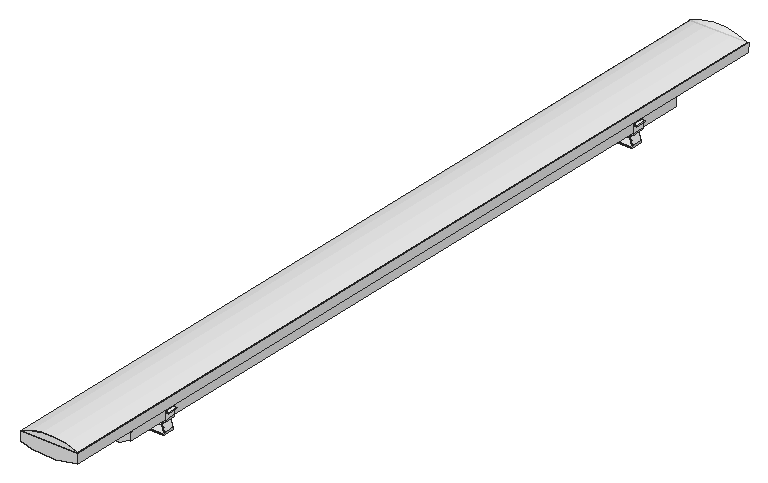
Revit family "Lighting-Industrial-GEWISS-SMART[3]PLUS-WATERTIGHT-LED-EMERGENCY_TRANSPARENT_1600mm", category Apparecchi per illuminazione, host Superficie, Revit 2019
Family settings
  Host = Superficie
  Quota connettore circolare = Usa diametro
  Tipo di parte = Normale
  Taglio con vuoti quando caricato = No
  Sorgente d'illuminazione = No
  Condiviso = No
  Punto di calcolo locali = No
Parameters (values of type "GWS3325AT957 - SMART3 PLUS 1600 EMERG DT1+DT6 HE TRASP 9 57")
  Working temperature = "ND"
  Weight (kg): = ""
  Warranty = "ND"
  Voltage- = "220-240 V "
  Visibilità simbolo [instance] = yes
  Visibilità pianta [instance] = not(Visibilità simbolo)  # no
  Visibilità etichetta [instance] = yes
  Version file RFA = "20.0"
  URL = "https://www.gewiss.com/ww/en"
  Typology = ""
  Type of light source = "LED - Not replaceable"
  Technical sheet = "https://www.gewiss.com/ww/en/search?q=GWS3325AT957"
  System power = "50 W"
  Shock resistance = "IK08"
  Shield type = "Transparent"
  SEO = "Ceiling"
  Realized by GEWISS S.p.A. = ""
  Operating temperature: = "ND"
  Numero poli = 2
  Struttura = GRIGIO
  Stampa 1_200 = no
  Stampa 1_100 = not(Stampa 1_200)  # yes
  Spostamento_Y_etichetta [instance] = 0 mm
  Spostamento_Y_effettivo_etichetta [instance] = 1500 mm - Spostamento_Y_etichetta  # 1500 mm
  Spostamento_X_etichetta [instance] = 0 mm
  Spostamento_X_effettivo_etichetta [instance] = 1500 mm - Spostamento_X_etichetta  # 1500 mm
  Schermo. = Led Acceso
  Default Elevation = 1219.2 mm
  Produttore = "GEWISS S.p.A."
  Nominal flux (lm) = ""
  No. LED (#) = ""
  Modello = "GWS3325AT957"
  Lunghezza Lampada = 1600 mm  # constant formula
  Lumen output (lm) = "5900"
  Length- = "1600 mm"
  Lampada = "LED"
  Lamp- = "LED"
  LED LifeTime (L80B20) = ""
  LED Life time (L80B50) = ""
  LED Life time (L70) = ""
  LED Life Time (L90B50) = ""
  Insulation class = "II"
  Immagine tipo = GWS3258T30K.jpg
  IP degree = "IP66/IP69"
  IFC.TypeObject = ""
  IFC.ExportType = ""
  IFC.ExportAs = ""
  IDT = "e64a989e-ee90-4262-bf48-8a52b238cc43"
  IDF = "45533622-a399-43a6-a2ce-b7e15d4ad49e"
  Glow Wire Test = "850°C"
  Ganci = Alluminio
  Failure rate apparecchio (50.000h, Tq=25Â° C) = ""
  Failure rate apparecchio (35.000h, Tq=35Â° C) = ""
  Electrocod = "2434"
  Efficiency class of integrated LEDs = "A ÷ A++"
  EAN code = ""
  Driver type = ""
  Device with reduced surface temperature = ""
  Descrizione = "SMART3 PLUS 1600 EMERG DT1+DT6 HE TRASP 9 57"
  Commenti sul wattaggio = "53W"
  Colour temperature: = "5700 K (CRI > 90)"
  Colour temperature = "5700 K (CRI > 90)"
  Catalogue Range = "SMART[3] PLUS"
  Catalogue = "LIGHTING"
  Carico apparente = 53 VA
  COBie.Tagnumber = ""
  COBie.CreatedOn = ""
  COBie.CreatebBy = ""
  COBie.ComponentRegisterItemID = ""
  COBie.Component.TagNumber = ""
  COBie.Component.Space = ""
  COBie.Component.SerialNumber = ""
  COBie.Component.InstallationDate = ""
  COBie.Component.Description = ""
  COBie.Component.BarCode = ""
  Application = "Indoor"
Types (6, lengths in mm): name | Technical sheet | Modello | Lumen output (lm) | Immagine tipo | IDT | Descrizione | Commenti sul wattaggio | Colour temperature: | Colour temperature | Carico apparente
  GWS3325AT840 - SMART3 PLUS 1600 EMERG DT1+DT6 HE TRASP 8 40 | "https://www.gewiss.com/ww/en/search?q=GWS3325AT840" | "GWS3325AT840" | "7500" | GWS3158T.jpg | "e4e6eff0-7757-49de-8ca6-b3c7ac16ed84" | "SMART3 PLUS 1600 EMERG DT1+DT6 HE TRASP 8 40" | "26W" | "4000 K (CRI > 80)" | "4000 K (CRI > 80)" | 26 VA
  GWS3325AT857 - SMART3 PLUS 1600 EMERG DT1+DT6 HE TRASP 8 57 | "https://www.gewiss.com/ww/en/search?q=GWS3325AT857" | "GWS3325AT857" | "7500" | GWS3158T30K.jpg | "d56ec35c-bc16-4ca2-9f2a-ffc0e6b0216e" | "SMART3 PLUS 1600 EMERG DT1+DT6 HE TRASP 8 57" | "26W" | "5700 K (CRI > 80)" | "5700 K (CRI > 80)" | 26 VA
  GWS3325AT930 - SMART3 PLUS 1600 EMERG DT1+DT6 HE TRASP 9 30 | "https://www.gewiss.com/ww/en/search?q=GWS3325AT930" | "GWS3325AT930" | "5500" | GWS3158T57K.jpg | "4ff20301-8a43-4463-95b9-38cdd8bb85f8" | "SMART3 PLUS 1600 EMERG DT1+DT6 HE TRASP 9 30" | "26W" | "3000 K (CRI > 90)" | "3000 K (CRI > 90)" | 26 VA
  GWS3325AT940 - SMART3 PLUS 1600 EMERG DT1+DT6 HE TRASP 9 40 | "https://www.gewiss.com/ww/en/search?q=GWS3325AT940" | "GWS3325AT940" | "5900" | GWS3258T.jpg | "88f268fe-a1e8-4018-91b3-4ea8187c4065" | "SMART3 PLUS 1600 EMERG DT1+DT6 HE TRASP 9 40" | "53W" | "4000 K (CRI > 90)" | "4000 K (CRI > 90)" | 53 VA
  GWS3325AT957 - SMART3 PLUS 1600 EMERG DT1+DT6 HE TRASP 9 57 | "https://www.gewiss.com/ww/en/search?q=GWS3325AT957" | "GWS3325AT957" | "5900" | GWS3258T30K.jpg | "e64a989e-ee90-4262-bf48-8a52b238cc43" | "SMART3 PLUS 1600 EMERG DT1+DT6 HE TRASP 9 57" | "53W" | "5700 K (CRI > 90)" | "5700 K (CRI > 90)" | 53 VA
  GWS3325AT830 - SMART3 PLUS 1600 EMERG DT1+DT6 HE TRASP 8 30 | "https://www.gewiss.com/ww/en/search?q=GWS3325AT830" | "GWS3325AT830" | "7100" | GWS3258T57K.jpg | "131b39ae-4fe3-42b2-9cae-5b48bbbc4f94" | "SMART3 PLUS 1600 EMERG DT1+DT6 HE TRASP 8 30" | "53W" | "3000 K (CRI > 80)" | "3000 K (CRI > 80)" | 53 VA
Reference planes
  plane 1 "Centro (Fronte/Retro)": y = 0
  plane 2: z = 0
  plane 3 "Centro (Sinistra/Destra)": x = 0
  plane 4: x = -1500
  plane 5: y = -1500
  plane 6: x = 0
  plane 7: y = 0
Forms (mm)
  Extrusion 1, solid, material "Alluminio" <- "Ganci", detail levels medium+fine
    sketch origin (0, 0, 0) x (1, 0, 0) y (0, 0, 1)
      loop
        arc (31.431, -0.002) -> (34.576, 1.589) -> (35.156, 5.066) r 3.903
        line (35.156, 5.066) -> (29.612, 23.211)
        arc (29.612, 23.211) -> (29.883, 24.381) -> (31.032, 24.73) r 1.2
        line (31.032, 24.73) -> (34.307, 23.974)
        arc (34.307, 23.974) -> (36.765, 24.53) -> (37.859, 26.8) r 2.9
        line (37.859, 26.8) -> (37.859, 38.8)
        arc (37.859, 38.8) -> (37.648, 39.694) -> (37.059, 40.4) r 2
        line (37.059, 40.4) -> (37.059, 42.71) -> (42.861, 40.598) -> (43.203, 41.538) -> (37.53, 43.603)
        arc (37.53, 43.603) -> (37.019, 43.613) -> (36.605, 43.311) r 0.8
        line (36.605, 43.311) -> (36.306, 26.139)
        arc (36.306, 26.139) -> (35.6, 25.444) -> (34.616, 25.34) r 1.5
        line (34.616, 25.34) -> (31.344, 26.095)
        arc (31.344, 26.095) -> (28.858, 25.335) -> (28.273, 22.802) r 2.6
        line (28.273, 22.802) -> (33.827, 4.636)
        arc (33.827, 4.636) -> (33.449, 2.415) -> (31.438, 1.4) r 2.5
        line (31.438, 1.4) -> (-31.437, 1.4)
        arc (-31.437, 1.4) -> (-33.449, 2.415) -> (-33.827, 4.636) r 2.5
        line (-33.827, 4.636) -> (-28.273, 22.802)
        arc (-28.273, 22.802) -> (-28.858, 25.335) -> (-31.344, 26.095) r 2.6
        line (-31.344, 26.095) -> (-34.616, 25.34)
        arc (-34.616, 25.34) -> (-35.6, 25.444) -> (-36.306, 26.139) r 1.5
        line (-36.306, 26.139) -> (-36.605, 43.311)
        arc (-36.605, 43.311) -> (-37.019, 43.613) -> (-37.53, 43.603) r 0.8
        line (-37.53, 43.603) -> (-43.203, 41.538) -> (-42.861, 40.598) -> (-37.059, 42.71) -> (-37.059, 40.4)
        arc (-37.059, 40.4) -> (-37.648, 39.694) -> (-37.859, 38.8) r 2
        line (-37.859, 38.8) -> (-37.859, 26.8)
        arc (-37.859, 26.8) -> (-36.765, 24.53) -> (-34.307, 23.974) r 2.9
        line (-34.307, 23.974) -> (-31.032, 24.73)
        arc (-31.032, 24.73) -> (-29.883, 24.381) -> (-29.612, 23.211) r 1.2
        line (-29.612, 23.211) -> (-35.156, 5.066)
        arc (-35.156, 5.066) -> (-34.576, 1.589) -> (-31.431, -0.002) r 3.903
        line (-31.431, -0.002) -> (31.431, -0.002)
    from 548.766 to 568.766
  Extrusion 2, solid, material "Alluminio" <- "Ganci", detail levels medium+fine
    sketch origin (0, 0, 0) x (1, 0, 0) y (0, 0, -1)
      loop
        line (31.431, 0.002) -> (-31.431, 0.002)
        arc (-31.431, 0.002) -> (-34.576, -1.589) -> (-35.156, -5.066) r 3.903
        line (-35.156, -5.066) -> (-29.612, -23.211)
        arc (-29.612, -23.211) -> (-29.883, -24.381) -> (-31.032, -24.73) r 1.2
        line (-31.032, -24.73) -> (-34.307, -23.974)
        arc (-34.307, -23.974) -> (-36.765, -24.53) -> (-37.859, -26.8) r 2.9
        line (-37.859, -26.8) -> (-37.859, -38.8)
        arc (-37.859, -38.8) -> (-37.648, -39.694) -> (-37.059, -40.4) r 2
        line (-37.059, -40.4) -> (-37.059, -42.71) -> (-42.861, -40.598) -> (-43.203, -41.538) -> (-37.53, -43.603)
        arc (-37.53, -43.603) -> (-37.019, -43.613) -> (-36.605, -43.311) r 0.8
        line (-36.605, -43.311) -> (-36.306, -26.139)
        arc (-36.306, -26.139) -> (-35.6, -25.444) -> (-34.616, -25.34) r 1.5
        line (-34.616, -25.34) -> (-31.344, -26.095)
        arc (-31.344, -26.095) -> (-28.858, -25.335) -> (-28.273, -22.802) r 2.6
        line (-28.273, -22.802) -> (-33.827, -4.636)
        arc (-33.827, -4.636) -> (-33.449, -2.415) -> (-31.437, -1.4) r 2.5
        line (-31.437, -1.4) -> (31.438, -1.4)
        arc (31.438, -1.4) -> (33.449, -2.415) -> (33.827, -4.636) r 2.5
        line (33.827, -4.636) -> (28.273, -22.802)
        arc (28.273, -22.802) -> (28.858, -25.335) -> (31.344, -26.095) r 2.6
        line (31.344, -26.095) -> (34.616, -25.34)
        arc (34.616, -25.34) -> (35.6, -25.444) -> (36.306, -26.139) r 1.5
        line (36.306, -26.139) -> (36.605, -43.311)
        arc (36.605, -43.311) -> (37.019, -43.613) -> (37.53, -43.603) r 0.8
        line (37.53, -43.603) -> (43.203, -41.538) -> (42.861, -40.598) -> (37.059, -42.71) -> (37.059, -40.4)
        arc (37.059, -40.4) -> (37.648, -39.694) -> (37.859, -38.8) r 2
        line (37.859, -38.8) -> (37.859, -26.8)
        arc (37.859, -26.8) -> (36.765, -24.53) -> (34.307, -23.974) r 2.9
        line (34.307, -23.974) -> (31.032, -24.73)
        arc (31.032, -24.73) -> (29.883, -24.381) -> (29.612, -23.211) r 1.2
        line (29.612, -23.211) -> (35.156, -5.066)
        arc (35.156, -5.066) -> (34.576, -1.589) -> (31.431, 0.002) r 3.903
    from 548.766 to 568.766
  Extrusion 3, solid, material "GRIGIO" <- "Struttura", detail levels medium+fine
    sketch origin (0, 0, 0) x (1, 0, 0) y (0, 0, 1)
      loop
        line (-36.331, 55.757) -> (-35.847, 28.018)
        arc (-35.847, 28.018) -> (-33.139, 27.27) -> (-30.416, 26.58) r 129.5
        arc (-30.416, 26.58) -> (-28.066, 25.76) -> (-25.915, 24.506) r 13
        arc (-25.915, 24.506) -> (-24.23, 23.324) -> (-22.521, 22.178) r 99.5
        arc (-22.521, 22.178) -> (-16.401, 19.063) -> (-9.748, 17.365) r 31.146
        line (-9.748, 17.365) -> (12.491, 17.365)
        arc (12.491, 17.365) -> (17.822, 19.098) -> (22.764, 21.745) r 31.646
        arc (22.764, 21.745) -> (24.509, 22.915) -> (26.228, 24.122) r 100
        arc (26.228, 24.122) -> (28.283, 25.313) -> (30.525, 26.095) r 12.5
        arc (30.525, 26.095) -> (33.437, 26.834) -> (36.332, 27.64) r 130
        line (36.332, 27.64) -> (36.824, 55.851)
        arc (36.824, 55.851) -> (24.914, 53.937) -> (12.909, 52.764) r 195.047
        line (12.909, 52.764) -> (-12.909, 52.764)
        arc (-12.909, 52.764) -> (-24.665, 53.905) -> (-36.331, 55.757) r 195.047
    from -650 to 650
  Extrusion 4, solid, material "GRIGIO" <- "Struttura", detail levels medium+fine
    sketch origin (0, 0, 0) x (1, 0, 0) y (0, 0, 1)
      loop
        line (54.725, 60.184) -> (55.177, 77.445) -> (-55.177, 77.445) -> (-54.725, 60.184)
        arc (-54.725, 60.184) -> (-34.019, 55.332) -> (-12.909, 52.764) r 195.047
        line (-12.909, 52.764) -> (12.909, 52.764)
        arc (12.909, 52.764) -> (34.019, 55.332) -> (54.725, 60.184) r 195.047
    from -800 to 800
  Extrusion 5, solid, material "Led Acceso" <- "Schermo.", detail levels medium+fine
    sketch origin (0, 0, 0) x (1, 0, 0) y (0, 0, 1)
      loop
        arc (54.697, 78.441) -> (-0.014, 90.457) -> (-54.723, 78.429) r 130.5
        arc (-54.723, 78.429) -> (-54.988, 77.838) -> (-54.5, 77.445) r 0.5
        line (-54.5, 77.445) -> (54.479, 77.445)
        arc (54.479, 77.445) -> (54.988, 77.855) -> (54.697, 78.441) r 0.522
    from -800 to 800
  Extrusion 6, solid, material "GRIGIO" <- "Struttura", detail levels coarse
    sketch origin (0, 0, 0) x (1, 0, 0) y (0, 0, 1)
      loop
        line (-54.5, 90.439) -> (-54.5, 0) -> (54.5, 0) -> (54.5, 90.439) -> (-54.5, 90.439)
    from -800 to 800
Lines and regions (mm)
  Masking region 1, visible <- "Visibilità pianta"
    outline origin (0, 0, 0) x (1, 0, 0) y (0, 1, 0)
      loop
        line (-55.177, 800) -> (-55.177, -800) -> (55.177, -800) -> (55.177, 800) -> (-55.177, 800)
  model lines, style "GEWISS - LIGHT 2D", not visible, detail levels medium+fine
    curve 1: arc (599.156, 237.359, 0) -> (604.568, 231.947, 0) -> (609.98, 237.359, 0) r 5.412
    curve 6: arc (581.804, 237.359, 0) -> (582.83, 230.601, 0) -> (585.816, 224.453, 0) r 22.764
    curve 7: arc (623.32, 224.453, 0) -> (626.306, 230.601, 0) -> (627.332, 237.359, 0) r 22.764
    curve 8: arc (609.98, -154.35, 0) -> (604.568, -148.937, 0) -> (599.156, -154.35, 0) r 5.412
    curve 14: arc (585.816, -141.444, 0) -> (582.83, -147.592, 0) -> (581.804, -154.35, 0) r 22.764
    curve 15: arc (627.332, -154.35, 0) -> (626.306, -147.592, 0) -> (623.32, -141.444, 0) r 22.764
    curve 22: line (581.804, 248.502, 0) -> (581.804, 237.359, 0)
    curve 23: line (581.804, 237.359, 0) -> (599.156, 237.359, 0)
    curve 24: line (599.156, 237.359, 0) -> (599.156, 248.502, 0)
    curve 25: line (599.156, 256.809, 0) -> (599.156, 262.193, 0)
    curve 26: line (609.98, 248.502, 0) -> (609.98, 237.359, 0)
    curve 27: line (609.98, 237.359, 0) -> (627.332, 237.359, 0)
    curve 28: line (627.332, 237.359, 0) -> (627.332, 248.502, 0)
    curve 39: line (581.804, -154.35, 0) -> (581.804, -165.498, 0)
    curve 40: line (581.804, -165.498, 0) -> (581.804, -154.35, 0)
    curve 41: line (581.804, -154.35, 0) -> (599.156, -154.35, 0)
    curve 42: line (599.156, -154.35, 0) -> (599.156, -165.498, 0)
    curve 43: line (609.98, -165.498, 0) -> (609.98, -154.35, 0)
    curve 44: line (609.98, -154.35, 0) -> (627.332, -154.35, 0)
    curve 45: line (627.332, -154.35, 0) -> (627.332, -165.498, 0)
    curve 46: line (627.332, -165.498, 0) -> (627.332, -154.35, 0)
    curve 47: line (609.98, -179.249, 0) -> (609.98, -173.749, 0)
    curve 50: line (599.156, -179.191, 0) -> (599.156, -173.807, 0)
    curve 94: circle (617.836, 259.501, 0) r 1.5 normal (0, 0, 1)
    curve 95: circle (591.836, 259.501, 0) r 1.5 normal (0, 0, 1)
    curve 96: arc (610.218, 256.751, 0) -> (612.968, 259.501, 0) -> (610.218, 262.251, 0) r 2.75
    curve 97: arc (599.718, 262.251, 0) -> (596.968, 259.501, 0) -> (599.718, 256.751, 0) r 2.75
    curve 102: circle (617.836, -176.499, 0) r 1.5 normal (0, 0, 1)
    curve 103: circle (591.836, -176.499, 0) r 1.5 normal (0, 0, 1)
    curve 104: arc (610.218, -179.249, 0) -> (612.968, -176.499, 0) -> (610.218, -173.749, 0) r 2.75
    curve 105: arc (599.718, -173.749, 0) -> (596.968, -176.499, 0) -> (599.718, -179.249, 0) r 2.75
    curve 184: line (599.718, 262.251, 0) -> (610.218, 262.251, 0)
    curve 185: line (599.718, 256.751, 0) -> (610.218, 256.751, 0)
    curve 194: line (599.718, -173.749, 0) -> (610.218, -173.749, 0)
    curve 195: line (599.718, -179.249, 0) -> (610.218, -179.249, 0)
    curve 214: line (604.568, 230.323, 0) -> (604.568, 244.394, 0)
    curve 215: line (611.603, 237.359, 0) -> (597.532, 237.359, 0)
    curve 216: line (604.568, -161.385, 0) -> (604.568, -147.314, 0)
    curve 217: line (611.603, -154.35, 0) -> (597.532, -154.35, 0)
    curve 223: line (617.836, 257.551, 0) -> (617.836, 261.451, 0)
    curve 224: line (619.786, 259.501, 0) -> (615.886, 259.501, 0)
    curve 225: line (591.836, 257.551, 0) -> (591.836, 261.451, 0)
    curve 226: line (593.786, 259.501, 0) -> (589.886, 259.501, 0)
    curve 227: line (603.293, 259.501, 0) -> (596.143, 259.501, 0)
    curve 228: line (610.218, 255.926, 0) -> (610.218, 263.076, 0)
    curve 229: line (613.793, 259.501, 0) -> (606.643, 259.501, 0)
    curve 230: line (617.836, -178.449, 0) -> (617.836, -174.549, 0)
    curve 231: line (619.786, -176.499, 0) -> (615.886, -176.499, 0)
    curve 232: line (591.836, -178.449, 0) -> (591.836, -174.549, 0)
    curve 233: line (593.786, -176.499, 0) -> (589.886, -176.499, 0)
    curve 234: line (599.718, -180.074, 0) -> (599.718, -172.924, 0)
    curve 235: line (603.293, -176.499, 0) -> (596.143, -176.499, 0)
    curve 236: line (610.218, -180.074, 0) -> (610.218, -172.924, 0)
    curve 237: line (613.793, -176.499, 0) -> (606.643, -176.499, 0)
    curve 238: arc (585.816, 224.453, 0) -> (604.568, 218.168, 0) -> (623.32, 224.453, 0) r 31.118
    curve 239: arc (623.32, -141.444, 0) -> (604.568, -135.159, 0) -> (585.816, -141.444, 0) r 31.118
  model lines, style "GEWISS - LIGHT 2D", not visible
    curve 2: arc (642.177, 315.223, 0) -> (641.755, 316.267, 0) -> (640.725, 316.723, 0) r 1.499
    curve 3: arc (640.726, -233.714, 0) -> (641.755, -233.258, 0) -> (642.177, -232.214, 0) r 1.499
    curve 4: arc (568.41, 316.723, 0) -> (567.381, 316.267, 0) -> (566.959, 315.223, 0) r 1.499
    curve 5: arc (566.959, -232.214, 0) -> (567.38, -233.258, 0) -> (568.409, -233.714, 0) r 1.499
    curve 16: line (568.41, 316.723, 0) -> (592.409, 317.119, 0)
    curve 17: line (592.409, 317.119, 0) -> (595.819, 317.196, 0)
    curve 18: line (595.819, 317.196, 0) -> (604.587, 317.348, 0)
    curve 19: line (604.587, 317.348, 0) -> (613.319, 317.196, 0)
    curve 20: line (613.319, 317.196, 0) -> (616.729, 317.119, 0)
    curve 21: line (616.729, 317.119, 0) -> (640.725, 316.723, 0)
    curve 29: line (568.409, -233.714, 0) -> (604.582, -234.348, 0)
    curve 30: line (604.582, -234.348, 0) -> (640.726, -233.714, 0)
    curve 31: line (642.177, -187.498, 0) -> (642.177, -232.214, 0)
    curve 32: line (642.177, 248.502, 0) -> (642.177, -165.498, 0)
    curve 33: line (642.177, 315.223, 0) -> (642.177, 270.502, 0)
    curve 34: line (566.959, 315.223, 0) -> (566.959, 270.502, 0)
    curve 35: line (566.959, 248.502, 0) -> (566.959, -165.498, 0)
    curve 36: line (566.959, -187.498, 0) -> (566.959, -232.214, 0)
    curve 37: line (604.549, -234.347, 0) -> (604.569, -233.348, 0)
    curve 38: line (604.569, -233.348, 0) -> (604.549, -234.347, 0)
    curve 48: line (609.989, -233.253, 0) -> (609.98, -232.753, 0)
    curve 49: line (609.98, -232.753, 0) -> (609.98, -187.498, 0)
    curve 51: line (599.147, -233.253, 0) -> (599.156, -232.753, 0)
    curve 52: line (599.156, -232.753, 0) -> (599.156, -187.498, 0)
    curve 53: line (604.568, -232.848, 0) -> (604.569, -233.348, 0)
    curve 54: line (604.569, -233.348, 0) -> (604.568, -232.848, 0)
    curve 69: arc (658.224, 441.447, 0) -> (657.902, 441.529, 0) -> (657.571, 441.558, 0) r 1.999
    curve 71: arc (659.744, 439.503, 0) -> (659.172, 440.906, 0) -> (657.781, 441.505, 0) r 1.998
    curve 72: arc (549.391, -356.494, 0) -> (549.963, -357.897, 0) -> (551.356, -358.495, 0) r 1.998
    curve 98: spline (648.539, 268.506, 0) -> (648.523, 268.767, 0) -> (648.475, 269.023, 0) -> (648.396, 269.27, 0) -> (648.287, 269.504, 0) -> (648.151, 269.721, 0) -> (647.989, 269.918, 0) -> (647.804, 270.09, 0) -> (647.599, 270.235, 0) -> (647.379, 270.35, 0) -> (647.146, 270.434, 0) -> (646.905, 270.485, 0) -> (646.66, 270.502, 0)
    curve 99: spline (646.66, 248.502, 0) -> (646.905, 248.519, 0) -> (647.146, 248.57, 0) -> (647.379, 248.654, 0) -> (647.599, 248.77, 0) -> (647.804, 248.916, 0) -> (647.989, 249.089, 0) -> (648.151, 249.286, 0) -> (648.287, 249.504, 0) -> (648.396, 249.739, 0) -> (648.475, 249.987, 0) -> (648.523, 250.245, 0) -> (648.539, 250.506, 0)
    curve 100: spline (561.397, 250.501, 0) -> (561.413, 250.24, 0) -> (561.461, 249.984, 0) -> (561.54, 249.736, 0) -> (561.648, 249.502, 0) -> (561.785, 249.284, 0) -> (561.947, 249.087, 0) -> (562.132, 248.915, 0) -> (562.336, 248.77, 0) -> (562.557, 248.654, 0) -> (562.79, 248.57, 0) -> (563.031, 248.519, 0) -> (563.276, 248.502, 0)
    curve 101: spline (563.276, 270.502, 0) -> (563.031, 270.485, 0) -> (562.79, 270.434, 0) -> (562.557, 270.35, 0) -> (562.336, 270.234, 0) -> (562.132, 270.089, 0) -> (561.947, 269.916, 0) -> (561.785, 269.72, 0) -> (561.648, 269.502, 0) -> (561.54, 269.267, 0) -> (561.461, 269.019, 0) -> (561.413, 268.763, 0) -> (561.397, 268.502, 0)
    curve 106: spline (648.539, -167.494, 0) -> (648.523, -167.233, 0) -> (648.475, -166.977, 0) -> (648.396, -166.73, 0) -> (648.287, -166.496, 0) -> (648.151, -166.279, 0) -> (647.989, -166.083, 0) -> (647.804, -165.911, 0) -> (647.599, -165.766, 0) -> (647.379, -165.65, 0) -> (647.146, -165.566, 0) -> (646.905, -165.515, 0) -> (646.66, -165.498, 0)
    curve 107: spline (646.66, -187.498, 0) -> (646.905, -187.481, 0) -> (647.146, -187.43, 0) -> (647.379, -187.346, 0) -> (647.599, -187.23, 0) -> (647.804, -187.084, 0) -> (647.989, -186.911, 0) -> (648.151, -186.714, 0) -> (648.287, -186.496, 0) -> (648.396, -186.261, 0) -> (648.475, -186.012, 0) -> (648.523, -185.755, 0) -> (648.539, -185.494, 0)
    curve 108: spline (561.397, -185.499, 0) -> (561.413, -185.76, 0) -> (561.461, -186.016, 0) -> (561.54, -186.264, 0) -> (561.648, -186.498, 0) -> (561.785, -186.716, 0) -> (561.947, -186.912, 0) -> (562.132, -187.085, 0) -> (562.336, -187.23, 0) -> (562.557, -187.346, 0) -> (562.79, -187.43, 0) -> (563.031, -187.481, 0) -> (563.276, -187.498, 0)
    curve 109: spline (563.276, -165.498, 0) -> (563.031, -165.516, 0) -> (562.79, -165.567, 0) -> (562.557, -165.651, 0) -> (562.336, -165.766, 0) -> (562.132, -165.912, 0) -> (561.947, -166.084, 0) -> (561.785, -166.281, 0) -> (561.648, -166.499, 0) -> (561.54, -166.733, 0) -> (561.461, -166.981, 0) -> (561.413, -167.238, 0) -> (561.397, -167.499, 0)
    curve 110: arc (657.245, -358.546, 0) -> (659.012, -357.814, 0) -> (659.745, -356.046, 0) r 2.5
    curve 111: arc (551.891, 441.558, 0) -> (550.123, 440.825, 0) -> (549.391, 439.058, 0) r 2.5
    curve 142: line (657.571, 441.558, 0) -> (604.567, 441.558, 0)
    curve 143: line (604.567, 441.558, 0) -> (551.891, 441.558, 0)
    curve 144: line (551.356, -358.495, 0) -> (604.568, -358.495, 0)
    curve 145: line (604.568, -358.495, 0) -> (657.245, -358.495, 0)
    curve 157: line (599.147, -233.253, 0) -> (604.569, -233.348, 0)
    curve 158: line (604.569, -233.348, 0) -> (609.989, -233.253, 0)
    curve 159: line (659.745, -356.046, 0) -> (659.745, 439.503, 0)
    curve 160: line (657.781, 441.505, 0) -> (604.567, 441.505, 0)
    curve 161: line (549.391, -356.494, 0) -> (549.391, 439.058, 0)
    curve 186: line (642.696, 270.501, 0) -> (642.427, 270.501, 0)
    curve 187: line (563.481, 270.502, 0) -> (563.276, 270.502, 0)
    curve 188: line (563.276, 270.502, 0) -> (646.454, 270.502, 0)
    curve 189: line (646.454, 270.502, 0) -> (646.66, 270.502, 0)
    curve 190: line (563.481, 248.502, 0) -> (563.276, 248.502, 0)
    curve 191: line (646.454, 248.502, 0) -> (646.66, 248.502, 0)
    curve 192: line (648.539, 250.506, 0) -> (648.539, 268.506, 0)
    curve 193: line (561.397, 250.501, 0) -> (561.397, 268.501, 0)
    curve 196: line (646.66, -165.498, 0) -> (646.454, -165.498, 0)
    curve 197: line (646.454, -165.498, 0) -> (642.696, -165.498, 0)
    curve 198: line (642.696, -165.498, 0) -> (642.427, -165.498, 0)
    curve 199: line (642.427, -165.498, 0) -> (639.905, -165.498, 0)
    curve 200: line (639.905, -165.498, 0) -> (636.805, -165.498, 0)
    curve 201: line (636.805, -165.498, 0) -> (573.13, -165.498, 0)
    curve 202: line (573.13, -165.498, 0) -> (570.031, -165.498, 0)
    curve 203: line (570.031, -165.498, 0) -> (567.508, -165.498, 0)
    curve 204: line (567.508, -165.498, 0) -> (567.24, -165.498, 0)
    curve 205: line (567.24, -165.498, 0) -> (563.481, -165.498, 0)
    curve 206: line (563.481, -165.498, 0) -> (563.276, -165.498, 0)
    curve 207: line (563.276, -187.498, 0) -> (563.481, -187.498, 0)
    curve 208: line (563.481, -187.498, 0) -> (646.454, -187.498, 0)
    curve 209: line (646.454, -187.498, 0) -> (646.66, -187.498, 0)
    curve 210: line (642.696, -187.499, 0) -> (642.427, -187.499, 0)
    curve 211: line (648.539, -185.494, 0) -> (648.539, -167.494, 0)
    curve 212: line (561.397, -185.499, 0) -> (561.397, -167.499, 0)
    curve 219: line (604.569, 276.529, 0) -> (604.569, -193.52, 0)
    curve 240: line (646.454, 248.502, 0) -> (563.276, 248.502, 0)
  model lines, style "GEWISS - LIGHT 2D", not visible, detail levels fine
    curve 9: arc (621.884, 350.407, 0) -> (621.798, 350.225, 0) -> (621.768, 350.027, 0) r 0.678
    curve 10: arc (622.621, 351.453, 0) -> (622.246, 350.935, 0) -> (621.884, 350.407, 0) r 25.107
    curve 11: arc (623.611, 352.703, 0) -> (623.106, 352.086, 0) -> (622.621, 351.453, 0) r 25.491
    curve 12: arc (626.634, 356.042, 0) -> (625.055, 354.434, 0) -> (623.611, 352.703, 0) r 27.8
    curve 13: arc (628.933, 357.976, 0) -> (627.762, 357.034, 0) -> (626.634, 356.042, 0) r 34.286
    curve 55: line (595.819, 317.196, 0) -> (595.819, 331.194, 0)
    curve 56: line (595.819, 331.194, 0) -> (595.823, 331.698, 0)
    curve 57: line (613.319, 317.196, 0) -> (613.319, 331.194, 0)
    curve 58: line (613.319, 331.194, 0) -> (613.315, 331.698, 0)
    curve 59: line (601.188, 333.427, 0) -> (595.819, 333.381, 0)
    curve 60: line (595.819, 333.381, 0) -> (592.551, 333.351, 0)
    curve 61: line (621.768, 349.976, 0) -> (621.768, 349.703, 0)
    curve 62: line (618.568, 339.703, 0) -> (618.568, 340.003, 0)
    curve 63: line (618.568, 340.003, 0) -> (618.568, 349.403, 0)
    curve 64: line (618.568, 349.403, 0) -> (618.568, 349.703, 0)
    curve 65: line (626.634, 356.042, 0) -> (625.666, 357.327, 0)
    curve 66: line (625.666, 357.327, 0) -> (625.303, 357.809, 0)
    curve 67: arc (615.276, 335.364, 0) -> (616.055, 336.638, 0) -> (614.919, 337.608, 0) r 1.15
    curve 68: arc (594.228, 337.608, 0) -> (593.084, 336.643, 0) -> (593.862, 335.364, 0) r 1.15
    curve 70: arc (618.493, 319.316, 0) -> (619.321, 319.921, 0) -> (619.181, 320.937, 0) r 1
    curve 73: arc (592.532, 331.227, 0) -> (592.389, 331.582, 0) -> (592.037, 331.731, 0) r 0.5
    curve 74: arc (617.101, 331.731, 0) -> (616.749, 331.582, 0) -> (616.606, 331.227, 0) r 0.5
    curve 75: arc (617.805, 349.703, 0) -> (617.188, 349.635, 0) -> (616.597, 349.441, 0) r 3
    curve 76: arc (606.569, 342.058, 0) -> (605.632, 343.753, 0) -> (603.698, 343.859, 0) r 2
    curve 77: arc (599.084, 344.854, 0) -> (601.221, 343.569, 0) -> (603.698, 343.859, 0) r 3.86
    curve 78: arc (598.376, 346.791, 0) -> (598.558, 345.76, 0) -> (599.084, 344.854, 0) r 3
    curve 79: arc (605.757, 349.962, 0) -> (611.115, 348.406, 0) -> (616.597, 349.441, 0) r 12
    curve 80: arc (622.068, 349.403, 0) -> (621.98, 349.615, 0) -> (621.768, 349.703, 0) r 0.3
    curve 81: arc (620.003, 351.317, 0) -> (619.679, 350.57, 0) -> (619.569, 349.763, 0) r 3
    curve 82: arc (603.144, 334.726, 0) -> (600.795, 328.007, 0) -> (607.888, 327.419, 0) r 4.5
    curve 83: arc (603.144, 334.726, 0) -> (605.626, 336.549, 0) -> (606.569, 339.481, 0) r 5
    curve 84: arc (602.226, 350.998, 0) -> (599.524, 350.005, 0) -> (598.376, 347.367, 0) r 3.66
    curve 85: arc (605.757, 349.962, 0) -> (604.052, 350.686, 0) -> (602.226, 350.998, 0) r 8
    curve 86: arc (621.772, 339.703, 0) -> (621.999, 339.807, 0) -> (622.068, 340.048, 0) r 0.3
    curve 87: arc (618.568, 339.703, 0) -> (617.972, 339.652, 0) -> (617.393, 339.5, 0) r 3.5
    curve 88: arc (617.393, 339.5, 0) -> (612.456, 336.19, 0) -> (609.712, 330.917, 0) r 12
    curve 89: arc (607.888, 327.419, 0) -> (609.019, 329.054, 0) -> (609.712, 330.917, 0) r 8
    curve 90: arc (620.895, 352.703, 0) -> (620.493, 352.099, 0) -> (620.105, 351.485, 0) r 29.999
    curve 91: arc (625.281, 357.788, 0) -> (623.014, 355.448, 0) -> (621.015, 352.877, 0) r 30
    curve 92: arc (627.608, 359.734, 0) -> (626.431, 358.8, 0) -> (625.303, 357.809, 0) r 29.995
    curve 93: circle (604.569, 330.458, 0) r 2.1 normal (0, 0, 1)
    curve 112: line (589.422, 320.458, 0) -> (589.069, 320.811, 0)
    curve 113: line (589.069, 320.811, 0) -> (589.069, 322.709, 0)
    curve 114: line (589.069, 322.709, 0) -> (589.069, 323.958, 0)
    curve 115: line (589.069, 323.958, 0) -> (589.422, 323.958, 0)
    curve 116: line (589.422, 323.958, 0) -> (590.069, 323.958, 0)
    curve 117: line (590.069, 323.958, 0) -> (590.069, 324.958, 0)
    curve 118: line (590.069, 324.958, 0) -> (589.422, 324.958, 0)
    curve 119: line (589.422, 324.958, 0) -> (589.069, 324.958, 0)
    curve 120: line (589.069, 324.958, 0) -> (589.069, 328.104, 0)
    curve 121: line (589.069, 328.104, 0) -> (589.422, 328.458, 0)
    curve 122: line (589.422, 324.958, 0) -> (589.422, 328.458, 0)
    curve 123: line (589.422, 328.458, 0) -> (591.069, 328.458, 0)
    curve 124: line (591.069, 328.458, 0) -> (591.069, 322.54, 0)
    curve 125: line (591.069, 322.54, 0) -> (591.069, 320.458, 0)
    curve 126: line (591.069, 320.458, 0) -> (589.422, 320.458, 0)
    curve 127: line (589.422, 320.458, 0) -> (589.422, 322.54, 0)
    curve 128: line (589.422, 322.54, 0) -> (589.422, 323.958, 0)
    curve 129: line (606.208, 337.608, 0) -> (602.469, 337.608, 0)
    curve 130: line (602.469, 337.608, 0) -> (599.469, 337.608, 0)
    curve 131: line (599.469, 337.608, 0) -> (596.069, 337.608, 0)
    curve 132: line (596.069, 337.608, 0) -> (594.228, 337.608, 0)
    curve 133: line (606.469, 338.477, 0) -> (606.569, 341.457, 0)
    curve 134: line (606.469, 341.458, 0) -> (602.469, 341.458, 0)
    curve 135: line (602.469, 341.458, 0) -> (599.469, 341.458, 0)
    curve 136: line (599.469, 341.458, 0) -> (596.519, 341.458, 0)
    curve 137: line (596.519, 341.458, 0) -> (594.919, 341.458, 0)
    curve 138: line (594.919, 341.458, 0) -> (593.969, 341.458, 0)
    curve 139: line (593.969, 341.458, 0) -> (593.969, 337.58, 0)
    curve 140: line (614.019, 337.651, 0) -> (614.969, 337.606, 0)
    curve 141: line (614.969, 337.606, 0) -> (614.969, 338.32, 0)
    curve 146: line (604.55, 335.458, 0) -> (595.819, 335.382, 0)
    curve 147: line (595.819, 335.382, 0) -> (592.569, 335.353, 0)
    curve 148: line (592.569, 335.353, 0) -> (592.551, 333.351, 0)
    curve 149: line (616.587, 333.351, 0) -> (616.569, 335.353, 0)
    curve 150: line (616.569, 335.353, 0) -> (613.319, 335.381, 0)
    curve 151: line (613.319, 335.381, 0) -> (611.803, 335.395, 0)
    curve 152: line (592.515, 329.208, 0) -> (591.069, 329.208, 0)
    curve 153: line (591.069, 329.208, 0) -> (591.069, 319.708, 0)
    curve 154: line (591.069, 319.708, 0) -> (592.432, 319.708, 0)
    curve 155: line (618.493, 319.316, 0) -> (616.711, 319.145, 0)
    curve 156: line (616.667, 324.145, 0) -> (619.181, 320.937, 0)
    curve 162: line (610.544, 333.306, 0) -> (613.388, 333.281, 0)
    curve 163: line (613.388, 333.281, 0) -> (618.088, 333.24, 0)
    curve 164: line (618.088, 333.24, 0) -> (618.088, 331.74, 0)
    curve 165: line (618.088, 331.74, 0) -> (613.388, 331.699, 0)
    curve 166: line (613.388, 331.699, 0) -> (609.914, 331.668, 0)
    curve 167: line (600.232, 331.66, 0) -> (595.75, 331.699, 0)
    curve 168: line (595.75, 331.699, 0) -> (591.05, 331.74, 0)
    curve 169: line (591.05, 331.74, 0) -> (591.05, 333.24, 0)
    curve 170: line (591.05, 333.24, 0) -> (595.75, 333.281, 0)
    curve 171: line (595.75, 333.281, 0) -> (601.102, 333.328, 0)
    curve 172: line (592.409, 317.119, 0) -> (592.532, 331.227, 0)
    curve 173: line (616.729, 317.119, 0) -> (616.606, 331.227, 0)
    curve 174: line (621.768, 349.703, 0) -> (618.568, 349.703, 0)
    curve 175: line (618.568, 349.703, 0) -> (617.805, 349.703, 0)
    curve 176: line (606.569, 342.058, 0) -> (606.569, 339.481, 0)
    curve 177: line (598.376, 347.367, 0) -> (598.376, 346.791, 0)
    curve 178: line (618.568, 339.703, 0) -> (621.772, 339.703, 0)
    curve 179: line (622.068, 349.403, 0) -> (622.068, 340.048, 0)
    curve 180: line (620.002, 351.317, 0) -> (620.086, 351.453, 0)
    curve 181: line (621.015, 352.877, 0) -> (620.895, 352.703, 0)
    curve 182: line (628.933, 357.976, 0) -> (627.969, 359.255, 0)
    curve 183: line (627.969, 359.255, 0) -> (627.608, 359.734, 0)
    curve 213: line (589.258, 324.458, 0) -> (591.233, 324.458, 0)
    curve 218: line (592.659, 324.458, 0) -> (590.924, 324.458, 0)
    curve 220: line (604.569, 327.728, 0) -> (604.569, 333.188, 0)
    curve 221: line (607.299, 330.458, 0) -> (601.839, 330.458, 0)
    curve 222: line (618.568, 350.343, 0) -> (618.568, 339.063, 0)
  model lines, style "GEWISS - LIGHT 2D", not visible, detail levels coarse
    curve 241: arc (515.447, 800, 0) -> (513.679, 799.268, 0) -> (512.947, 797.5, 0) r 2.5
    curve 242: line (623.301, 800, 0) -> (515.447, 800, 0)
    curve 243: line (512.947, -800, 0) -> (623.301, -800, 0)
    curve 244: line (623.301, -800, 0) -> (623.301, 800, 0)
    curve 245: line (512.947, -800, 0) -> (512.947, 797.5, 0)
    curve 246: line (568.125, 575.964, 0) -> (568.125, -769.036, 0)
    curve 248: arc (515.447, -800, 0) -> (513.679, -799.268, 0) -> (512.947, -797.5, 0) r 2.5
  model lines, style "GEWISS - LIGHT 2D", detail levels coarse
    curve 247: arc (-52.678, -188.779, 0) -> (-54.446, -188.047, 0) -> (-55.178, -186.279, 0) r 2.5
Dimensions and locks
  plane 4 to plane 3 "Centro (Sinistra/Destra)" = 1500 mm
  "Spostamento_X_effettivo_etichetta": plane 4 to plane 6
  "Spostamento_Y_effettivo_etichetta": plane 7 to plane 5
  plane 1 "Centro (Fronte/Retro)" to plane 5 = 1500 mm
  aligned and locked: plane 2 to host face
  aligned and locked: level to host face
  aligned and locked: Masking region 1 sketch curve to Extrusion 4  (x3)
  aligned and locked: plane 6 to nested 1
  aligned and locked: nested 1 to plane 7
  aligned and locked: nested 2 to plane 1 "Centro (Fronte/Retro)"
  aligned and locked: plane 3 "Centro (Sinistra/Destra)" to nested 2
Automatic sketch dimensions
  host sketch curve to host sketch curve = 2438.4 mm  (x2)
  Extrusion 1 sketch curve to Extrusion 1 sketch curve = 0 mm  (x28)
  Extrusion 1 sketch curve to plane 3 "Centro (Sinistra/Destra)" = 43.203 mm
  level to Extrusion 1 sketch curve = 40.598 mm
  Extrusion 1 sketch curve to Extrusion 1 sketch curve = 0.342 mm  (x2)
  Extrusion 1 sketch curve to Extrusion 1 sketch curve = 5.002 mm  (x2)
  Extrusion 1 sketch curve to Extrusion 1 sketch curve = 0.329 mm
  Extrusion 1 sketch curve to Extrusion 1 sketch curve = 0.271 mm  (x2)
  Extrusion 1 sketch curve to Extrusion 1 sketch curve = 0.8 mm  (x2)
  Extrusion 1 sketch curve to Extrusion 1 sketch curve = 0.454 mm  (x2)
  Extrusion 1 sketch curve to Extrusion 1 sketch curve = 1.554 mm
  Extrusion 1 sketch curve to Extrusion 1 sketch curve = 2 mm
  level to Extrusion 1 sketch curve = 5.066 mm  (x2)
  Extrusion 1 sketch curve to Extrusion 1 sketch curve = 1.15 mm
  Extrusion 1 sketch curve to Extrusion 1 sketch curve = 1.346 mm  (x2)
  Extrusion 1 sketch curve to Extrusion 1 sketch curve = 0.343 mm  (x2)
  level to Extrusion 1 sketch curve = 4.636 mm  (x2)
  Extrusion 1 sketch curve to Extrusion 1 sketch curve = 1.329 mm  (x2)
  level to Extrusion 1 sketch curve = 1.4 mm
  Extrusion 1 sketch curve to Extrusion 1 sketch curve = 2.389 mm  (x2)
  Extrusion 1 sketch curve to Extrusion 1 sketch curve = 0.007 mm  (x2)
  Extrusion 1 sketch curve to Extrusion 1 sketch curve = 3.584 mm  (x2)
  Extrusion 1 sketch curve to Extrusion 1 sketch curve = 0.273 mm  (x2)
  plane 3 "Centro (Sinistra/Destra)" to Extrusion 1 sketch curve = 30.759 mm
  Extrusion 1 sketch curve to level = 0.002 mm
  Extrusion 1 sketch curve to Extrusion 1 sketch curve = 0.672 mm
  Extrusion 1 sketch curve to Extrusion 1 sketch curve = 0.9 mm
  level to Extrusion 1 sketch curve = 26.139 mm
  Extrusion 1 sketch curve to Extrusion 1 sketch curve = 0.746 mm
  Extrusion 1 sketch curve to Extrusion 1 sketch curve = 0.2 mm
  Extrusion 1 sketch curve to Extrusion 1 sketch curve = 2.577 mm
  Extrusion 1 sketch curve to Extrusion 1 sketch curve = 18.496 mm
  Extrusion 1 sketch curve to Extrusion 1 sketch curve = 1.169 mm  (x2)
  Extrusion 1 sketch curve to Extrusion 1 sketch curve = 0.799 mm  (x2)
  Extrusion 1 sketch curve to Extrusion 1 sketch curve = 0.609 mm
  Extrusion 1 sketch curve to Extrusion 1 sketch curve = 1.798 mm  (x2)
  Extrusion 1 sketch curve to Extrusion 1 sketch curve = 12 mm
  Extrusion 1 sketch curve to Extrusion 1 sketch curve = 0.94 mm  (x2)
  Extrusion 1 sketch curve to Extrusion 1 sketch curve = 0.14 mm  (x2)
  Extrusion 1 sketch curve to Extrusion 1 sketch curve = 0.309 mm  (x2)
  Extrusion 1 sketch curve to Extrusion 1 sketch curve = 0.312 mm  (x2)
  Extrusion 1 sketch curve to Extrusion 1 sketch curve = 1.148 mm  (x2)
  Extrusion 1 sketch curve to Extrusion 1 sketch curve = 1.339 mm
  Extrusion 1 sketch curve to Extrusion 1 sketch curve = 2.486 mm
  Extrusion 1 sketch curve to Extrusion 1 sketch curve = 0.409 mm  (x2)
  Extrusion 2 sketch curve to Extrusion 2 sketch curve = 0 mm  (x28)
  Extrusion 2 sketch curve to plane 3 "Centro (Sinistra/Destra)" = 43.203 mm
  level to Extrusion 2 sketch curve = 40.598 mm
  Extrusion 2 sketch curve to Extrusion 2 sketch curve = 0.342 mm  (x2)
  Extrusion 2 sketch curve to Extrusion 2 sketch curve = 5.002 mm  (x2)
  Extrusion 2 sketch curve to Extrusion 2 sketch curve = 0.329 mm
  Extrusion 2 sketch curve to Extrusion 2 sketch curve = 0.271 mm  (x2)
  Extrusion 2 sketch curve to Extrusion 2 sketch curve = 0.8 mm  (x2)
  Extrusion 2 sketch curve to Extrusion 2 sketch curve = 0.454 mm  (x2)
  Extrusion 2 sketch curve to Extrusion 2 sketch curve = 1.554 mm
  Extrusion 2 sketch curve to Extrusion 2 sketch curve = 2 mm
  level to Extrusion 2 sketch curve = 5.066 mm  (x2)
  Extrusion 2 sketch curve to Extrusion 2 sketch curve = 1.15 mm
  Extrusion 2 sketch curve to Extrusion 2 sketch curve = 1.346 mm  (x2)
  Extrusion 2 sketch curve to Extrusion 2 sketch curve = 0.343 mm  (x2)
  level to Extrusion 2 sketch curve = 4.636 mm  (x2)
  Extrusion 2 sketch curve to Extrusion 2 sketch curve = 1.329 mm  (x2)
  level to Extrusion 2 sketch curve = 1.4 mm
  Extrusion 2 sketch curve to Extrusion 2 sketch curve = 2.389 mm  (x2)
  Extrusion 2 sketch curve to Extrusion 2 sketch curve = 0.007 mm  (x2)
  Extrusion 2 sketch curve to Extrusion 2 sketch curve = 3.584 mm  (x2)
  Extrusion 2 sketch curve to Extrusion 2 sketch curve = 0.273 mm  (x2)
  plane 3 "Centro (Sinistra/Destra)" to Extrusion 2 sketch curve = 30.759 mm
  Extrusion 2 sketch curve to level = 0.002 mm
  Extrusion 2 sketch curve to Extrusion 2 sketch curve = 0.672 mm
  Extrusion 2 sketch curve to Extrusion 2 sketch curve = 0.9 mm
  level to Extrusion 2 sketch curve = 26.139 mm
  Extrusion 2 sketch curve to Extrusion 2 sketch curve = 0.746 mm
  Extrusion 2 sketch curve to Extrusion 2 sketch curve = 0.2 mm
  Extrusion 2 sketch curve to Extrusion 2 sketch curve = 14.46 mm
  Extrusion 2 sketch curve to Extrusion 2 sketch curve = 0.94 mm  (x2)
  Extrusion 2 sketch curve to Extrusion 2 sketch curve = 0.14 mm  (x2)
  Extrusion 2 sketch curve to Extrusion 2 sketch curve = 2.31 mm  (x2)
  Extrusion 2 sketch curve to Extrusion 2 sketch curve = 12 mm
  Extrusion 2 sketch curve to Extrusion 2 sketch curve = 0.661 mm  (x2)
  Extrusion 2 sketch curve to Extrusion 2 sketch curve = 0.609 mm  (x2)
  Extrusion 2 sketch curve to Extrusion 2 sketch curve = 1.169 mm  (x2)
  Extrusion 2 sketch curve to Extrusion 2 sketch curve = 0.309 mm  (x2)
  Extrusion 2 sketch curve to Extrusion 2 sketch curve = 0.312 mm  (x2)
  Extrusion 2 sketch curve to Extrusion 2 sketch curve = 1.148 mm  (x2)
  Extrusion 2 sketch curve to Extrusion 2 sketch curve = 1.339 mm
  Extrusion 2 sketch curve to Extrusion 2 sketch curve = 2.486 mm
  Extrusion 2 sketch curve to Extrusion 2 sketch curve = 1.365 mm  (x2)
  Extrusion 3 sketch curve to plane 3 "Centro (Sinistra/Destra)" = 36.331 mm
  Extrusion 3 sketch curve to Extrusion 3 sketch curve = 0.484 mm
  Extrusion 3 sketch curve to Extrusion 3 sketch curve = 2.34 mm
  Extrusion 3 sketch curve to plane 3 "Centro (Sinistra/Destra)" = 32.068 mm
  Extrusion 3 sketch curve to plane 3 "Centro (Sinistra/Destra)" = 12.909 mm
  Extrusion 3 sketch curve to plane 3 "Centro (Sinistra/Destra)" = 9.748 mm
  Extrusion 3 sketch curve to plane 3 "Centro (Sinistra/Destra)" = 5.421 mm
  Extrusion 3 sketch curve to plane 3 "Centro (Sinistra/Destra)" = 0.057 mm
  Extrusion 3 sketch curve to plane 3 "Centro (Sinistra/Destra)" = 0.007 mm
  Extrusion 3 sketch curve to plane 3 "Centro (Sinistra/Destra)" = 0.001 mm
  plane 3 "Centro (Sinistra/Destra)" to Extrusion 3 sketch curve = 0.057 mm
  plane 3 "Centro (Sinistra/Destra)" to Extrusion 3 sketch curve = 5.412 mm
  plane 3 "Centro (Sinistra/Destra)" to Extrusion 3 sketch curve = 12.491 mm
  Extrusion 3 sketch curve to Extrusion 3 sketch curve = 7.496 mm
  plane 3 "Centro (Sinistra/Destra)" to Extrusion 3 sketch curve = 32.059 mm
  Extrusion 3 sketch curve to Extrusion 3 sketch curve = 21.008 mm
  Extrusion 3 sketch curve to Extrusion 3 sketch curve = 2.833 mm
  Extrusion 3 sketch curve to Extrusion 3 sketch curve = 23.916 mm
  level to Extrusion 3 sketch curve = 13.953 mm  (x2)
  level to Extrusion 3 sketch curve = 17.365 mm  (x2)
  Extrusion 3 sketch curve to Extrusion 3 sketch curve = 13.687 mm
  Extrusion 3 sketch curve to Extrusion 3 sketch curve = 14.064 mm
  Extrusion 3 sketch curve to Extrusion 3 sketch curve = 30.844 mm
  Extrusion 3 sketch curve to Extrusion 3 sketch curve = 0 mm  (x3)
  Extrusion 3 sketch curve to Extrusion 3 sketch curve = 4.555 mm
  Extrusion 3 sketch curve to Extrusion 3 sketch curve = 2.993 mm
  Extrusion 3 sketch curve to Extrusion 3 sketch curve = 3.087 mm
  Extrusion 3 sketch curve to Extrusion 3 sketch curve = 49.52 mm
  Extrusion 3 sketch curve to Extrusion 3 sketch curve = 49.615 mm
  Extrusion 3 sketch curve to Extrusion 3 sketch curve = 47.089 mm
  Extrusion 3 sketch curve to Extrusion 3 sketch curve = 5.431 mm
  Extrusion 3 sketch curve to Extrusion 3 sketch curve = 4.5 mm
  Extrusion 3 sketch curve to Extrusion 3 sketch curve = 10.273 mm
  Extrusion 3 sketch curve to Extrusion 3 sketch curve = 3.465 mm
  Extrusion 3 sketch curve to Extrusion 3 sketch curve = 4.297 mm
  Extrusion 4 sketch curve to plane 3 "Centro (Sinistra/Destra)" = 55.177 mm
  Extrusion 4 sketch curve to Extrusion 4 sketch curve = 0.452 mm  (x2)
  Extrusion 4 sketch curve to plane 3 "Centro (Sinistra/Destra)" = 12.909 mm
  Extrusion 4 sketch curve to plane 3 "Centro (Sinistra/Destra)" = 0.057 mm
  plane 3 "Centro (Sinistra/Destra)" to Extrusion 4 sketch curve = 0.057 mm
  plane 3 "Centro (Sinistra/Destra)" to Extrusion 4 sketch curve = 12.909 mm
  Extrusion 4 sketch curve to Extrusion 4 sketch curve = 41.816 mm
  level to Extrusion 4 sketch curve = 52.764 mm
  Extrusion 4 sketch curve to Extrusion 4 sketch curve = 7.42 mm  (x2)
  Extrusion 4 sketch curve to Extrusion 4 sketch curve = 17.262 mm
  Extrusion 5 sketch curve to plane 3 "Centro (Sinistra/Destra)" = 0 mm
  Extrusion 5 sketch curve to plane 3 "Centro (Sinistra/Destra)" = 54.5 mm
  plane 3 "Centro (Sinistra/Destra)" to Extrusion 5 sketch curve = 54.479 mm
  Extrusion 5 sketch curve to level = 40.043 mm
  level to Extrusion 5 sketch curve = 77.445 mm
  Extrusion 5 sketch curve to Extrusion 5 sketch curve = 0.5 mm
  Extrusion 5 sketch curve to Extrusion 5 sketch curve = 0.522 mm
  Extrusion 5 sketch curve to Extrusion 5 sketch curve = 0.21 mm
  Extrusion 5 sketch curve to Extrusion 5 sketch curve = 0.014 mm
  Extrusion 5 sketch curve to Extrusion 5 sketch curve = 0 mm
  Extrusion 6 sketch curve to level = 0 mm
  Extrusion 6 sketch curve to plane 3 "Centro (Sinistra/Destra)" = 54.5 mm
  plane 3 "Centro (Sinistra/Destra)" to Extrusion 6 sketch curve = 54.5 mm
  Extrusion 6 sketch curve to Extrusion 6 sketch curve = 90.439 mm
  curve 247 to plane 3 "Centro (Sinistra/Destra)" = 52.678 mm
  plane 1 "Centro (Fronte/Retro)" to curve 247 = 186.279 mm
  curve 247 to curve 247 = 2.5 mm
  Masking region 1 sketch curve to plane 1 "Centro (Fronte/Retro)" = 800 mm
Nested families
  nested 1: "ETICHETTA WATTAGGIO" at (0, 0, 0), visible <- "Visibilità etichetta", type "ETICHETTA WATTAGGIO"
  nested 2: "SMART 3 PLAFONIERE LED TRASPARENTI 1600 mm_Simbolo" at (0, 0, 0) x (0, 1, 0) z (0, 0, 1), visible <- "Visibilità simbolo", type "SMART 3 PLAFONIERE LED TRASPARENTI 1600 mm_Simbolo"
Connectors
  electrical at (0, 0, 0), driven by "Carico apparente", driven by "Numero poli"
    settings: on Masking region 1, index 1, voltage 230 V, apparent load 0 VA, apparent load phase1 53 VA, apparent load phase2 0 VA, apparent load phase3 0 VA, power factor 1, load classification "Illuminazione", number of poles 2, system type 31, power factor state 1, is connector primary yes, connector utility no, sub classification motor no, connector description ""
Definition of nested family "ETICHETTA WATTAGGIO"
  Parameters (values of type "ETICHETTA WATTAGGIO")
    GW - Potenza di sistema = ""
    GW - Numero LED = ""
    COMMENTI = "13W"
    1_200 = no
    1_100 = yes
  Reference planes
    plane 1: y = 0
    plane 2: x = 0
  Text (mm)
    label "GW - Potenza di sistema\nGW - Numero LED LED" at (-0.057, -0.214, 0), shows "GW - Potenza di sistema", "GW - Numero LED", visible <- "1_100"
    label "GW - Potenza di sistema\nGW - Numero LED LED " at (-0.057, -0.214, 0), shows "GW - Potenza di sistema", "GW - Numero LED", visible <- "1_200"
Definition of nested family "SMART 3 PLAFONIERE LED TRASPARENTI 1600 mm_Simbolo"
  Reference planes
    plane 1 "Centro (Fronte/Retro)": y = 0
    plane 2: z = 0
    plane 3 "Centro (Sinistra/Destra)": x = 0
  Lines and regions (mm)
    detail lines, in view "Livello rif."
      curve 1: line (-647.881, 0, 0) -> (-52.881, 0, 0)
      curve 2: line (700, -84.286, 0) -> (-700, -84.286, 0)
      curve 3: line (-700, -84.286, 0) -> (-700, 84.286, 0)
      curve 4: line (-700, 84.286, 0) -> (700, 84.286, 0)
      curve 5: line (700, 84.286, 0) -> (700, -84.286, 0)
      curve 6: line (30.063, -41.294, 0) -> (-52.881, 0, 0)
      curve 7: line (-52.881, 0, 0) -> (30.063, 41.791, 0)
      curve 8: line (30.063, 41.791, 0) -> (30.063, -41.294, 0)
      curve 9: line (-52.881, 41.543, 0) -> (-52.881, -41.543, 0)
      curve 10: line (647.881, 0, 0) -> (52.881, 0, 0)
